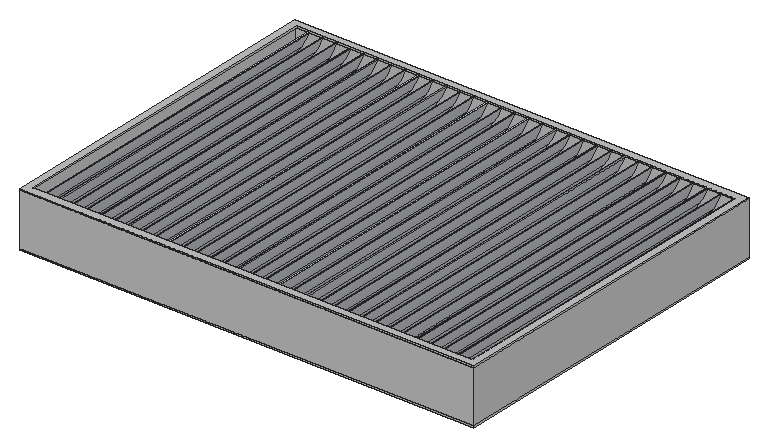
Revit family "Louver-Flanged_Frame-Carnes-Wind_Driven_Rain_Hurricane-FSVB", category Air Terminals, host Face, Revit 2012
Parameters (values of type "(See Type Catalog)")
  ecoScorecard_data = ""
  ecoScorecard Product Page = "http://ecoscorecard.com/"
  Wall Thickness Cut [instance] = 10 7/8"
  URL = "http://www.carnes.com/index.html"
  Symbol Blades Quantity [instance] = Louver Width / 3"  # 16
  Subcategory = "Louvers and Dampers"
  Specifications  URL = "http://www.carnes.com/Louvers/pdf/17140.pdf"
  Single Section Maximum Size = "48\"W x 96\"H"
  Product Page URL = "http://www.carnes.com/Louvers/FRVB-FSVB.htm"
  Product Line = "Wind Driven Rain Louvers"
  Pressure Drop = 0.00 Pa
  Point of Water Penetration = 984 FPM
  Outside Width = Louver Width Control + 3/4" * 2  # 49 1/2"
  Outside Height = Louver Height Control + 3/4" * 2  # 37 1/2"
  Model = "FSVB"
  Minimum Size = "12\"W x 12\"H"
  Meets Building Code Standards = "See Catalog URL"
  Maximum Size Note = "48\"W x 96\"H"
  Manufacturer = "Carnes Company"
  Louver Width Control = if(Louver Width < 12", 12", if(Louver Width > 48", 48", Louver Width))  # 48"
  Louver Height Control = if(Louver Height < 12", 12", if(Louver Height > 96", 96", Louver Height))  # 36"
  Free Area Note = "See Spec Sheet URL"
  Free Area = 0.00 SF
  Description = "Wind Driven Rain Louvers"
  Connector Description 1 = "Duct Connetor"
  Blades Quantity [instance] = (Louver Width Control - (Blade Offset from Frame - 3/4")) / 1 1/2"  # 32
  Manufacturer Phone = "608-845-6411"
  Manufacturer Fax = "608-845-6470"
  Manufacturer Email = "mailto:carnes@carnes.com"
  Manufacturer Address = "448 S. Main St., P. O. Box 930040, Verona, WI 53593-0040"
  Louver Width = 48"
  Louver Length = 6"
  Louver Height = 36"
  Blades Length [instance] = Louver Length - 1/4"  # 5 3/4"
  Frame Material = Aluminum - Carnes - Extruded
  Default Elevation = 48"
  Cost Info = "mailto:carnes@carnes.com"
  Catalog URL = "http://www.carnes.com/Louvers/pdf/f52-55.pdf"
  Blades Width [instance] = 49 1/4"
  Blade Offset from Frame [instance] = 1"
  Blade Material = Aluminum - Carnes - Extruded
  Assembly Code = "D3090700"
  Airflow = 0 CFM
  95 CSI = "10200"
  04 CSI = "08 91 00"
Reference planes (in)
  plane 1 "Center (Elevation)": y = 0
  plane 2: z = 0
  plane 3 "Center (Left/Right)": x = 0
  plane 4: z = -6
  plane 5: z = -0.125
  plane 6: z = -5.875
  plane 7: z = -3
  plane 8: x = -24
  plane 9: x = 24
  plane 10: x = -24.75
  plane 11: x = 24.75
  plane 12: y = 18
  plane 13: y = -18
  plane 14: y = 18.75
  plane 15: y = -18.75
  plane 16 "Blade CL": y = 21.25
  plane 17: x = 23
  plane 18: z = -10.875
Forms (in)
  Extrusion 1, solid, material "Aluminum - Carnes - Extruded" <- "Frame Material"
    sketch origin (0, 0, 0) x (1, 0, 0) y (0, 1, 0)
      loop
        line (-24.75, 18.75) -> (-24.75, -18.75) -> (24.75, -18.75) -> (24.75, 18.75) -> (-24.75, 18.75)
      loop
        line (-24, 18) -> (-24, -18) -> (24, -18) -> (24, 18) -> (-24, 18)
    from -0.125 to 0
  Extrusion 2, solid, material "Aluminum - Carnes - Extruded" <- "Frame Material"
    sketch origin (0, 0, 0) x (1, 0, 0) y (0, 1, 0)
      loop
        line (-24.75, 18.75) -> (-24.75, -18.75) -> (24.75, -18.75) -> (24.75, 18.75) -> (-24.75, 18.75)
      loop
        line (-24, 18) -> (-24, -18) -> (24, -18) -> (24, 18) -> (-24, 18)
    from -6 to -5.875
  Extrusion 3, solid, material "Aluminum - Carnes - Extruded" <- "Frame Material"
    sketch origin (0, 0, 0) x (1, 0, 0) y (0, 1, 0)
      loop
        line (-24.625, 18.625) -> (-24.625, -18.625) -> (24.625, -18.625) -> (24.625, 18.625) -> (-24.625, 18.625)
      loop
        line (-24.75, 18.75) -> (-24.75, -18.75) -> (24.75, -18.75) -> (24.75, 18.75) -> (-24.75, 18.75)
    from -5.875 to -0.125
  Sweep 4, void
    path origin (0, 0, 0) x (1, 0, 0) y (0, 0, 1)
      loop
        line (0, 0) -> (0, -10.875)
    profile origin (0, 0, -5.4375) x (0, -1, 0) y (1, 0, 0)
      loop
        line (-18.75, -24.75) -> (18.75, -24.75) -> (18.75, 24.75) -> (-18.75, 24.75) -> (-18.75, -24.75)
Lines and regions (in)
  Masking region 1, detail levels medium+fine
    outline origin (0, 0, 0) x (1, 0, 0) y (0, 0, 1)
      loop
        line (24.75, 0) -> (-24.75, 0) -> (-24.75, -6) -> (24.75, -6) -> (24.75, 0)
  Masking region 2, detail levels medium+fine
    outline origin (0, 0, 0) x (1, 0, 0) y (0, 0, 1)
      loop
        line (24.75, 0) -> (24, 0) -> (24, -0.125) -> (24.625, -0.125) -> (24.625, -5.875) -> (24, -5.875) -> (24, -6) -> (24.75, -6) -> (24.75, 0)
      loop
        line (-24.75, 0) -> (-24.75, -6) -> (-24, -6) -> (-24, -5.875) -> (-24.625, -5.875) -> (-24.625, -0.125) -> (-24, -0.125) -> (-24, 0) -> (-24.75, 0)
  symbolic lines, detail levels fine
    curve 1: line (24, 0, -0.125) -> (-24, 0, -0.125)
    curve 2: line (24, 0, -5.875) -> (-24, 0, -5.875)
  symbolic lines
    curve 3: line (-24, 0, -0.28125) -> (-23.5625, 0, -0.28125)
    curve 4: line (-23.5625, 0, -0.28125) -> (-20.33652, 0, -5.71875)
    curve 5: line (-20.33652, 0, -5.71875) -> (-19.89902, 0, -5.71875)
    curve 6: line (19.89902, 0, -0.34375) -> (20.33652, 0, -0.34375)
    curve 7: line (20.33652, 0, -0.34375) -> (23.5625, 0, -5.78125)
    curve 8: line (23.5625, 0, -5.78125) -> (24, 0, -5.78125)
    curve 9: line (-21.0734, 0, -0.28542) -> (-20.6359, 0, -0.28542)
    curve 10: line (-20.6359, 0, -0.28542) -> (-17.40991, 0, -5.72292)
    curve 11: line (-17.40991, 0, -5.72292) -> (-16.97241, 0, -5.72292)
    curve 12: line (-18.1468, 0, -0.28958) -> (-17.7093, 0, -0.28958)
    curve 13: line (-17.7093, 0, -0.28958) -> (-14.48331, 0, -5.72708)
    curve 14: line (-14.48331, 0, -5.72708) -> (-14.04581, 0, -5.72708)
    curve 15: line (-15.2202, 0, -0.29375) -> (-14.7827, 0, -0.29375)
    curve 16: line (-14.7827, 0, -0.29375) -> (-11.55671, 0, -5.73125)
    curve 17: line (-11.55671, 0, -5.73125) -> (-11.11921, 0, -5.73125)
    curve 18: line (-12.2936, 0, -0.29792) -> (-11.8561, 0, -0.29792)
    curve 19: line (-11.8561, 0, -0.29792) -> (-8.63011, 0, -5.73542)
    curve 20: line (-8.63011, 0, -5.73542) -> (-8.19261, 0, -5.73542)
    curve 21: line (-9.36699, 0, -0.30208) -> (-8.92949, 0, -0.30208)
    curve 22: line (-8.92949, 0, -0.30208) -> (-5.70351, 0, -5.73958)
    curve 23: line (-5.70351, 0, -5.73958) -> (-5.26601, 0, -5.73958)
    curve 24: line (-6.44039, 0, -0.30625) -> (-6.00289, 0, -0.30625)
    curve 25: line (-6.00289, 0, -0.30625) -> (-2.77691, 0, -5.74375)
    curve 26: line (-2.77691, 0, -5.74375) -> (-2.33941, 0, -5.74375)
    curve 27: line (-3.51379, 0, -0.31042) -> (-3.07629, 0, -0.31042)
    curve 28: line (-3.07629, 0, -0.31042) -> (0.14969, 0, -5.74792)
    curve 29: line (0.14969, 0, -5.74792) -> (0.58719, 0, -5.74792)
    curve 30: line (-0.58719, 0, -0.31458) -> (-0.14969, 0, -0.31458)
    curve 31: line (-0.14969, 0, -0.31458) -> (3.07629, 0, -5.75208)
    curve 32: line (3.07629, 0, -5.75208) -> (3.51379, 0, -5.75208)
    curve 33: line (2.33941, 0, -0.31875) -> (2.77691, 0, -0.31875)
    curve 34: line (2.77691, 0, -0.31875) -> (6.00289, 0, -5.75625)
    curve 35: line (6.00289, 0, -5.75625) -> (6.44039, 0, -5.75625)
    curve 36: line (5.26601, 0, -0.32292) -> (5.70351, 0, -0.32292)
    curve 37: line (5.70351, 0, -0.32292) -> (8.92949, 0, -5.76042)
    curve 38: line (8.92949, 0, -5.76042) -> (9.36699, 0, -5.76042)
    curve 39: line (8.19261, 0, -0.32708) -> (8.63011, 0, -0.32708)
    curve 40: line (8.63011, 0, -0.32708) -> (11.8561, 0, -5.76458)
    curve 41: line (11.8561, 0, -5.76458) -> (12.2936, 0, -5.76458)
    curve 42: line (11.11921, 0, -0.33125) -> (11.55671, 0, -0.33125)
    curve 43: line (11.55671, 0, -0.33125) -> (14.7827, 0, -5.76875)
    curve 44: line (14.7827, 0, -5.76875) -> (15.2202, 0, -5.76875)
    curve 45: line (14.04581, 0, -0.33542) -> (14.48331, 0, -0.33542)
    curve 46: line (14.48331, 0, -0.33542) -> (17.7093, 0, -5.77292)
    curve 47: line (17.7093, 0, -5.77292) -> (18.1468, 0, -5.77292)
    curve 48: line (16.97241, 0, -0.33958) -> (17.40991, 0, -0.33958)
    curve 49: line (17.40991, 0, -0.33958) -> (20.6359, 0, -5.77708)
    curve 50: line (20.6359, 0, -5.77708) -> (21.0734, 0, -5.77708)
Dimensions and locks (in)
  equal spacing: plane 10, plane 3 "Center (Left/Right)", plane 11
  "Outside Width": plane 10 to plane 11
  equal spacing: plane 15, plane 1 "Center (Elevation)", plane 14
  "Outside Height": plane 15 to plane 14
  locked: plane 2 to plane 5 at 0.125
  locked: plane 6 to plane 4 at 0.125
  "Louver Length": plane 2 to plane 4
  equal spacing: plane 5, plane 7, plane 6
  locked: plane 10 to plane 8 at 0.75
  locked: plane 9 to plane 11 at 0.75
  locked: plane 14 to plane 12 at 0.75
  locked: plane 15 to plane 13 at 0.75
  locked: Masking region 2 sketch curve to plane 11 at 0.125
  locked: Extrusion 3 sketch curve to Extrusion 3 sketch curve at 0.125  (x4)
  curve 3 to plane 7 to curve 5 = 2 23/32" locked, 2 23/32" locked
  equal spacing: group 1, group 3, group 4, group 5, group 6, group 7, group 8, group 9, group 10, group 11, group 12, group 13, group 14, group 15, group 16, group 2  (x2)
  equal spacing: group 2, group 16, group 15, group 14, group 13, group 12, group 11, group 10, group 9, group 8, group 7, group 6, group 5, group 4, group 3, group 1
  curve 9 to curve 11 = 5 7/16"
  curve 12 to curve 14 = 5 7/16"
  curve 15 to curve 17 = 5 7/16"
  curve 18 to curve 20 = 5 7/16"
  curve 21 to curve 23 = 5 7/16"
  curve 24 to curve 26 = 5 7/16"
  curve 27 to curve 29 = 5 7/16"
  curve 30 to curve 32 = 5 7/16"
  curve 33 to curve 35 = 5 7/16"
  curve 36 to curve 38 = 5 7/16"
  curve 39 to curve 41 = 5 7/16"
  curve 42 to curve 44 = 5 7/16"
  curve 45 to curve 47 = 5 7/16"
  curve 48 to curve 50 = 5 7/16"
  equal spacing: group 48, group 47, group 46, group 45, group 44, group 43, group 42, group 41, group 40, group 39, group 38, group 37, group 36, group 35, group 34, group 33, group 32, group 31, group 30, group 29, group 28, group 27, group 26, group 25, group 24, group 23, group 22, group 21, group 20, group 19, group 18, group 17
  equal spacing: group 17, group 18, group 19, group 20, group 21, group 22, group 23, group 24, group 25, group 26, group 27, group 28, group 29, group 30, group 31, group 32, group 33, group 34, group 35, group 36, group 37, group 38, group 39, group 40, group 41, group 42, group 43, group 44, group 45, group 46, group 47, group 48  (x2)
  locked: nested 1 to nested 2 at 1.5
  "Blade Offset from Frame": plane 17 to plane 9
  "Wall Thickness Cut": plane 2 to plane 18
  aligned and locked: plane 2 to host face
  aligned and locked: host face to level
  aligned and locked: plane 10 to Extrusion 1 sketch curve
  aligned and locked: Extrusion 1 sketch curve to plane 14
  aligned and locked: plane 15 to Extrusion 1 sketch curve
  aligned and locked: plane 11 to Extrusion 1 sketch curve
  aligned and locked: plane 8 to Extrusion 1 sketch curve
  aligned and locked: Extrusion 1 sketch curve to plane 12
  aligned and locked: plane 13 to Extrusion 1 sketch curve
  aligned and locked: plane 9 to Extrusion 1 sketch curve
  aligned and locked: Extrusion 1 to plane 5
  aligned and locked: plane 2 to Extrusion 1
  aligned and locked: Extrusion 2 sketch curve to Extrusion 1  (x6)
  aligned and locked: Extrusion 1 to Extrusion 2 sketch curve  (x2)
  aligned and locked: plane 6 to Extrusion 2
  aligned and locked: Extrusion 2 to plane 4
  aligned and locked: plane 5 to Extrusion 3
  aligned and locked: Extrusion 3 to plane 6
  aligned and locked: plane 11 to Masking region 1 sketch curve
  aligned and locked: Masking region 1 sketch curve to plane 2
  aligned and locked: plane 4 to Masking region 1 sketch curve
  aligned and locked: plane 10 to Masking region 1 sketch curve
  aligned and locked: Masking region 2 sketch curve to plane 11
  aligned and locked: plane 4 to Masking region 2 sketch curve
  aligned and locked: curve 1 to plane 5
  aligned and locked: curve 2 to plane 6
  aligned and locked: plane 2 to Masking region 2 sketch curve
  aligned and locked: Masking region 2 sketch curve to plane 5
  aligned and locked: plane 9 to Masking region 2 sketch curve
  aligned and locked: Masking region 2 sketch curve to plane 9
  aligned and locked: Masking region 2 sketch curve to plane 6
  aligned and locked: Masking region 2 sketch curve to plane 4
  aligned and locked: plane 8 to Masking region 2 sketch curve
  aligned and locked: plane 6 to Masking region 2 sketch curve
  aligned and locked: plane 5 to Masking region 2 sketch curve
  aligned and locked: Masking region 2 sketch curve to plane 8
  aligned and locked: Masking region 2 sketch curve to plane 2
  aligned and locked: plane 10 to Masking region 2 sketch curve
  aligned and locked: plane 8 to curve 1
  aligned and locked: plane 8 to curve 2
  aligned and locked: plane 9 to curve 1
  aligned and locked: plane 9 to curve 2
  aligned and locked: Extrusion 3 sketch curve to plane 10
  aligned and locked: Extrusion 3 sketch curve to plane 15
  aligned and locked: Extrusion 3 sketch curve to plane 14
  aligned and locked: plane 11 to Extrusion 3 sketch curve
  aligned and locked: plane 9 to curve 8
  aligned and locked: plane 8 to curve 3
  aligned and locked: nested 1 to plane 17
  aligned and locked: plane 7 to nested 1
  aligned and locked: plane 2 to Sweep 4 sketch curve
  aligned and locked: Sweep 4 sketch curve to plane 3 "Center (Left/Right)"
  aligned and locked: Sweep 4 sketch curve to plane 10
  aligned and locked: Sweep 4 sketch curve to plane 14
  aligned and locked: plane 11 to Sweep 4 sketch curve
  aligned and locked: Sweep 4 sketch curve to plane 15
  aligned and locked: plane 18 to Sweep 4 sketch curve
Automatic sketch dimensions
  host sketch curve to host sketch curve = 65.35482"
  host sketch curve to host sketch curve = 83.62101"
  plane 10 to Masking region 2 sketch curve = 1/8"
Nested families (in)
  nested 1: "Louver_Blade-Carnes" at (23, 2.31979, -3), type "Standard"
    with Width 36", Length 5 3/4"
  nested 2: "Louver_Blade-Carnes" at (21.5, 2.31979, -3), type "Standard"
    with Width 36", Length 5 3/4"
  nested 3: "Louver_Blade-Carnes" at (20, 2.31979, -3), type "Standard"
    with Width 36", Length 5 3/4"
  nested 4: "Louver_Blade-Carnes" at (18.5, 2.31979, -3), type "Standard"
    with Width 36", Length 5 3/4"
  nested 5: "Louver_Blade-Carnes" at (17, 2.31979, -3), type "Standard"
    with Width 36", Length 5 3/4"
  nested 6: "Louver_Blade-Carnes" at (15.5, 2.31979, -3), type "Standard"
    with Width 36", Length 5 3/4"
  nested 7: "Louver_Blade-Carnes" at (14, 2.31979, -3), type "Standard"
    with Width 36", Length 5 3/4"
  nested 8: "Louver_Blade-Carnes" at (12.5, 2.31979, -3), type "Standard"
    with Width 36", Length 5 3/4"
  nested 9: "Louver_Blade-Carnes" at (11, 2.31979, -3), type "Standard"
    with Width 36", Length 5 3/4"
  nested 10: "Louver_Blade-Carnes" at (9.5, 2.31979, -3), type "Standard"
    with Width 36", Length 5 3/4"
  nested 11: "Louver_Blade-Carnes" at (8, 2.31979, -3), type "Standard"
    with Width 36", Length 5 3/4"
  nested 12: "Louver_Blade-Carnes" at (6.5, 2.31979, -3), type "Standard"
    with Width 36", Length 5 3/4"
  nested 13: "Louver_Blade-Carnes" at (5, 2.31979, -3), type "Standard"
    with Width 36", Length 5 3/4"
  nested 14: "Louver_Blade-Carnes" at (3.5, 2.31979, -3), type "Standard"
    with Width 36", Length 5 3/4"
  nested 15: "Louver_Blade-Carnes" at (2, 2.31979, -3), type "Standard"
    with Width 36", Length 5 3/4"
  nested 16: "Louver_Blade-Carnes" at (0.5, 2.31979, -3), type "Standard"
    with Width 36", Length 5 3/4"
  nested 17: "Louver_Blade-Carnes" at (-1, 2.31979, -3), type "Standard"
    with Width 36", Length 5 3/4"
  nested 18: "Louver_Blade-Carnes" at (-2.5, 2.31979, -3), type "Standard"
    with Width 36", Length 5 3/4"
  nested 19: "Louver_Blade-Carnes" at (-4, 2.31979, -3), type "Standard"
    with Width 36", Length 5 3/4"
  nested 20: "Louver_Blade-Carnes" at (-5.5, 2.31979, -3), type "Standard"
    with Width 36", Length 5 3/4"
  nested 21: "Louver_Blade-Carnes" at (-7, 2.31979, -3), type "Standard"
    with Width 36", Length 5 3/4"
  nested 22: "Louver_Blade-Carnes" at (-8.5, 2.31979, -3), type "Standard"
    with Width 36", Length 5 3/4"
  nested 23: "Louver_Blade-Carnes" at (-10, 2.31979, -3), type "Standard"
    with Width 36", Length 5 3/4"
  nested 24: "Louver_Blade-Carnes" at (-11.5, 2.31979, -3), type "Standard"
    with Width 36", Length 5 3/4"
  nested 25: "Louver_Blade-Carnes" at (-13, 2.31979, -3), type "Standard"
    with Width 36", Length 5 3/4"
  nested 26: "Louver_Blade-Carnes" at (-14.5, 2.31979, -3), type "Standard"
    with Width 36", Length 5 3/4"
  nested 27: "Louver_Blade-Carnes" at (-16, 2.31979, -3), type "Standard"
    with Width 36", Length 5 3/4"
  nested 28: "Louver_Blade-Carnes" at (-17.5, 2.31979, -3), type "Standard"
    with Width 36", Length 5 3/4"
  nested 29: "Louver_Blade-Carnes" at (-19, 2.31979, -3), type "Standard"
    with Width 36", Length 5 3/4"
  nested 30: "Louver_Blade-Carnes" at (-20.5, 2.31979, -3), type "Standard"
    with Width 36", Length 5 3/4"
  nested 31: "Louver_Blade-Carnes" at (-22, 2.31979, -3), type "Standard"
    with Width 36", Length 5 3/4"
  nested 32: "Louver_Blade-Carnes" at (-23.5, 2.31979, -3), type "Standard"
    with Width 36", Length 5 3/4"
Connectors (in)
  hvac at (0, 0, -6), driven by "Connector Description 1", driven by "Airflow", driven by "Pressure Drop", driven by "Louver Height Control", driven by "Louver Width Control"
    settings: on Extrusion 2, index 1, duct flow 0 CFM, flow factor 0, pres drop 0.00 Pa, loss coef 0, conn angle 0.00°, conn width 48", conn height 36", conn radius 12", duct sys type 29, conn prof type 1, flow config 0, flow direction 0, loss method 4, conn ref index -1, conn util no, is conn primary yes, conn desc "Duct Connetor"
Definition of nested family "Louver_Blade-Carnes"
  Parameters (values of type "Standard")
    Width = 72"
    Blade Material = Aluminum - Carnes - Extruded
    Length = 6"
    Assembly Code = ""
  Reference planes (in)
    plane 1 "Back": y = 33.68021
    plane 2: z = 0
    plane 3 "Center (Left/Right)": x = 0
    plane 4: y = -2.31979
    plane 5: z = 3
    plane 6: z = -3
    plane 7: x = -0.85906
    plane 8: x = 0.85906
    plane 9: y = -38.31979
  Forms (in)
    Sweep 1, solid
      path origin (0, 0, 0) x (1, 0, 0) y (0, 1, 0)
        loop
          line (0, -38.31979) -> (0, 33.68021)
      profile origin (0, -2.31979, 0) x (-1, 0, 0) y (0, 0, 1)
        loop
          line (-0.73704, -2.87605) -> (-0.71453, -3) -> (-0.65355, -3) -> (-0.67778, -2.86654)
          arc (-0.67778, -2.86654) -> (-0.69165, -2.62398) -> (-0.66611, -2.38236) r 1.49744
          arc (-0.66611, -2.38236) -> (-0.54296, -2.0117) -> (-0.3259, -1.687) r 1.45906
          arc (-0.3259, -1.687) -> (0.05482, -1.34252) -> (0.40267, -0.96489) r 5.64742
          arc (0.40267, -0.96489) -> (0.65296, -0.51294) -> (0.71453, 0) r 1.34575
          arc (0.71453, 0) -> (0.67024, 0.22482) -> (0.57341, 0.4325) r 0.95027
          arc (0.57341, 0.4325) -> (0.32455, 0.83314) -> (0.05638, 1.22112) r 9.62997
          arc (0.05638, 1.22112) -> (-0.42892, 2.082) -> (-0.79485, 3) r 7.38042
          line (-0.79485, 3) -> (-0.85906, 3) -> (-0.81728, 2.87687)
          arc (-0.81728, 2.87687) -> (-0.45873, 2.00579) -> (0.00701, 1.18699) r 7.44042
          arc (0.00701, 1.18699) -> (0.27419, 0.80053) -> (0.52208, 0.40142) r 9.56997
          arc (0.52208, 0.40142) -> (0.61308, 0.20657) -> (0.6547, -0.00442) r 0.89027
          arc (0.6547, -0.00442) -> (0.59587, -0.49449) -> (0.35674, -0.92629) r 1.28575
          arc (0.35674, -0.92629) -> (0.01092, -1.30155) -> (-0.36769, -1.64369) r 5.58742
          arc (-0.36769, -1.64369) -> (-0.59581, -1.98319) -> (-0.72507, -2.37124) r 1.51906
          arc (-0.72507, -2.37124) -> (-0.75165, -2.62315) -> (-0.73704, -2.87605) r 1.55744
  Dimensions and locks (in)
    equal spacing: plane 1 "Back", plane 4, plane 9
    "Width": plane 1 "Back" to plane 9
    equal spacing: plane 7, plane 3 "Center (Left/Right)", plane 8
    locked: plane 3 "Center (Left/Right)" to Sweep 1 sketch curve at 0.6547
    locked: plane 3 "Center (Left/Right)" to Sweep 1 sketch curve at 0.71453
    equal spacing: plane 5, plane 2, plane 6
    "Length": plane 5 to plane 6
    aligned and locked: Sweep 1 sketch curve to plane 5
    aligned and locked: plane 8 to Sweep 1 sketch curve
    aligned and locked: plane 6 to Sweep 1 sketch curve
  Automatic sketch dimensions
    plane 1 "Back" to Sweep 1 sketch curve = 0"
    Sweep 1 sketch curve to plane 3 "Center (Left/Right)" = 0"
    Sweep 1 sketch curve to plane 9 = 0"
    Sweep 1 sketch curve to Sweep 1 sketch curve = 0"  (x18)
    Sweep 1 sketch curve to level = 0"  (x2)
    Sweep 1 sketch curve to Sweep 1 sketch curve = 0.04178"
    Sweep 1 sketch curve to Sweep 1 sketch curve = 0.06422"
    Sweep 1 sketch curve to Sweep 1 sketch curve = 0.01196"
    Sweep 1 sketch curve to Sweep 1 sketch curve = 0.0225"
    Sweep 1 sketch curve to Sweep 1 sketch curve = 0.05925"
    Sweep 1 sketch curve to Sweep 1 sketch curve = 0.06098"
    Sweep 1 sketch curve to level = 0.09906"
    profile plane to Sweep 1 sketch curve = 0.3259"
    Sweep 1 sketch curve to level = 0.06995"
    profile plane to Sweep 1 sketch curve = 0.23315"
    Sweep 1 sketch curve to profile plane = 0.00701"
    Sweep 1 sketch curve to profile plane = 0.05638"
    Sweep 1 sketch curve to Sweep 1 sketch curve = 0.04593"
    Sweep 1 sketch curve to Sweep 1 sketch curve = 0.13262"
    Sweep 1 sketch curve to Sweep 1 sketch curve = 0.05133"
    Sweep 1 sketch curve to Sweep 1 sketch curve = 0.03772"
    Sweep 1 sketch curve to profile plane = 6.22855"
    Sweep 1 sketch curve to Sweep 1 sketch curve = 0.01113"
    Sweep 1 sketch curve to Sweep 1 sketch curve = 0.27057"
    Sweep 1 sketch curve to Sweep 1 sketch curve = 0.00712"
    Sweep 1 sketch curve to Sweep 1 sketch curve = 0.12395"
    Sweep 1 sketch curve to level = 4.44684"
    Sweep 1 sketch curve to Sweep 1 sketch curve = 1.65575"
    Sweep 1 sketch curve to Sweep 1 sketch curve = 0.04179"
    Sweep 1 sketch curve to Sweep 1 sketch curve = 0.3578"
